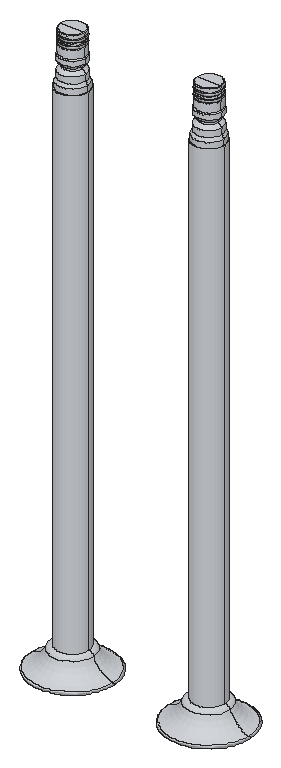
Revit family "Faucet-Raiser_Tube-KOHLER-SYMBOL-K-18492T-1", category Plumbing Fixtures, host Face, Revit 2017
Family settings
  Host = Face
  Round Connector Dimension = Use Diameter
  Part Type = Normal
  OmniClass Number = 23.31.11.00
  Cut with Voids When Loaded = No
  Shared = No
  Room Calculation Point = No
Parameters (values of type "CP- Polished Chrome")
  Width = Faucet Hole Spacing  # 5 29/32"
  WaterSense Certified = 1 = 0  # no
  Waste Water Outlet = "Waste Water Outlet"  # constant formula
  Waste Connection = 1 = 0  # no
  Vent Connection = 1 = 0  # no
  URL = "http://www.kohler.com.cn/"
  Type = 1
  Spout Reach = 0"
  Product Page URL = "https://www.kohler.com.cn/product/K-18492T-CP/K-18492T-CP/"
  Product Name = "SYMBOL"  # constant formula
  Product Documentation Link = "https://files.kohler.com.cn/pdfs/1535707536770_18492T.pdf"
  Pressure = 145.038 psi  # constant formula
  Model = "K-18492T-CP"  # constant formula
  Material = "Premium Metal Construction"  # constant formula
  Master Format 2014 Name = "Residential Faucets, Supplies, and Trim"  # constant formula
  Master Format 2014 = "22 41 39"  # constant formula
  Manufacturer Address = "Kohler Beijing Office (100016) 36-2-03-B, No. 88, Liuxiang Road, Beijing"  # constant formula
  Manufacturer = "KOHLER Co."  # constant formula
  Length = 3 139/256"  # constant formula
  Hot Water Inlet = "Hot Water Inlet"  # constant formula
  Height = 24 59/64"  # constant formula
  Handle Clearance = 0"
  HW Connection = 1 = 1  # yes
  Flow Rate = 0 GPM
  Finish = Kohler-Metal-CP-Polished_Chrome
  Faucet Hole Spacing = 5 29/32"  # constant formula
  Environmental Product Declaration = ""
  Drain Included = 1 = 0  # no
  Description = "65 CM FLOOR STAND"  # constant formula
  Default Elevation = 36"
  Declare Label = ""
  Date Modified = "03/30/2021"  # constant formula
  Date Created = "03/30/2021"  # constant formula
  Copyright = "Copyright KOHLER Co."  # constant formula
  Contact Us = "http://www.kohler.com.cn/contact/contact-us/"
  Cold Water Inlet = "Cold Water Inlet"  # constant formula
  CW Connection = 1 = 1  # yes
  Assembly Code = "D2010"
  ADA Compliant = 1 = 0  # no
Reference planes (in)
  plane 1 "Center (Front/Back)": y = 0
  plane 2: z = 0
  plane 3 "Center (Left/Right)": x = 0
  plane 4: x = -4.72441
  plane 5: x = 4.72441
  plane 6: x = -1.1811
  plane 7: x = 1.1811
  plane 8: x = -2.95276
  plane 9: x = 2.95349
  plane 10: y = 1.77165
  plane 11: y = -1.77132
  plane 12: z = 22.65748
  plane 13: z = 24.92187
Dimensions and locks (in)
  level to plane 12 = 22.65748"
  plane 12 to plane 13 = 2.26439"
  "Height": level to plane 13
  "Faucet Hole Spacing": plane 8 to plane 9
  "Length": plane 10 to plane 11
  plane 4 to plane 5 = 9.44882"
  aligned and locked: plane 2 to host face
  aligned and locked: level to host face
  aligned and locked: plane 3 "Center (Left/Right)" to nested 1
  aligned and locked: plane 1 "Center (Front/Back)" to nested 1
Automatic sketch dimensions
  host sketch curve to host sketch curve = 96"  (x2)
Nested families (in)
  nested 1: "K-18492T" at (0, 0, 0), type "K-18492T"
Connectors (in)
  piping at (-2.95276, 0, 0), diameter 0.5, driven by "Flow Rate", driven by "Pressure", driven by "HW Connection", driven by "Hot Water Inlet"
    settings: on nested 1, index 1, connector inside diameter 24", connector length 0", flow factor 0, pipe flow 0 GPM, pressure drop 145.038 psi, fitting loss kfactor 0, connector angle 0.00°, fixture units 0, engagement length 0", angle of deflection 0.00°, flow configuration 0, flow direction 1, fitting loss method 4, system type 19, joint type 0, gender type 0, connector reference index -1, connector utility 1, adjustable connector no, is connector primary yes, connector description "Hot Water Inlet"
  piping at (2.95276, 0, 0), diameter 0.5, driven by "Flow Rate", driven by "Pressure", driven by "CW Connection", driven by "Cold Water Inlet"
    settings: on nested 1, index 2, connector inside diameter 24", connector length 0", flow factor 0, pipe flow 0 GPM, pressure drop 145.038 psi, fitting loss kfactor 0, connector angle 0.00°, fixture units 0, engagement length 0", angle of deflection 0.00°, flow configuration 0, flow direction 1, fitting loss method 4, system type 20, joint type 0, gender type 0, connector reference index -1, connector utility 1, adjustable connector no, is connector primary no, connector description "Cold Water Inlet"
Definition of nested family "K-18492T"
  Parameters (values of type "K-18492T")
    Material = none
  Reference planes (in)
    plane 1 "Center (Front/Back)": y = 0
    plane 2: z = 0
    plane 3 "Center (Left/Right)": x = 0
    plane 4: x = 2.95276
    plane 5: x = -2.95276
    plane 6: x = -4.72441
    plane 7: x = -1.1811
    plane 8: x = 1.1811
    plane 9: x = 4.72441
    plane 10: z = 22.65748
    plane 11: z = 24.92126
    plane 12: y = 1.77165
    plane 13: y = -1.77165
  Forms (in)
    Revolve 1, solid, material <- "Material", detail levels medium+fine
      sketch origin (0, 0, -0.06411) x (1, 0, 0) y (0, 0, 1)
        loop
          line (-2.95276, 0.06411) -> (-2.95276, 24.98537) -> (-3.45472, 24.98537) -> (-3.47442, 24.95725) -> (-3.47442, 24.81886)
          arc (-3.47442, 24.81886) -> (-3.46836, 24.80424) -> (-3.45375, 24.79819) r 0.02067
          line (-3.45375, 24.79819) -> (-3.40898, 24.79819)
          arc (-3.40898, 24.79819) -> (-3.39116, 24.79611) -> (-3.37417, 24.79037) r 0.08576
          line (-3.37417, 24.79037) -> (-3.43552, 24.79037)
          arc (-3.43552, 24.79037) -> (-3.48583, 24.74006) -> (-3.43552, 24.68976) r 0.0503
          line (-3.43552, 24.68976) -> (-3.37589, 24.68976)
          arc (-3.37589, 24.68976) -> (-3.39501, 24.68269) -> (-3.41525, 24.68028) r 0.08641
          line (-3.41525, 24.68028) -> (-3.45381, 24.68028)
          arc (-3.45381, 24.68028) -> (-3.46845, 24.67422) -> (-3.47452, 24.65957) r 0.02071
          line (-3.47452, 24.65957) -> (-3.47452, 24.56795)
          arc (-3.47452, 24.56795) -> (-3.46878, 24.5541) -> (-3.45493, 24.54836) r 0.01959
          line (-3.45493, 24.54836) -> (-3.42093, 24.54836)
          arc (-3.42093, 24.54836) -> (-3.39867, 24.54598) -> (-3.37819, 24.53693) r 0.07272
          line (-3.37819, 24.53693) -> (-3.43678, 24.53693)
          arc (-3.43678, 24.53693) -> (-3.48531, 24.4884) -> (-3.43678, 24.43987) r 0.04853
          line (-3.43678, 24.43987) -> (-3.37394, 24.43987)
          arc (-3.37394, 24.43987) -> (-3.39425, 24.43199) -> (-3.41587, 24.42931) r 0.08849
          line (-3.41587, 24.42931) -> (-3.45453, 24.42931)
          arc (-3.45453, 24.42931) -> (-3.46858, 24.42349) -> (-3.4744, 24.40943) r 0.01987
          line (-3.4744, 24.40943) -> (-3.4744, 24.05228) -> (-3.51196, 23.98722) -> (-3.51196, 23.77663) -> (-3.35234, 23.617) -> (-3.35234, 23.53071) -> (-3.51183, 23.37121) -> (-3.51183, 23.1178) -> (-3.59055, 22.95781) -> (-3.59055, 22.72159) -> (-3.63976, 22.72159) -> (-3.63976, 1.06102)
          arc (-3.63976, 1.06102) -> (-3.77936, 1.01732) -> (-3.86748, 0.90055) r 0.23941
          arc (-3.86748, 0.90055) -> (-4.18297, 0.42677) -> (-4.68776, 0.16375) r 1.14369
          arc (-4.68776, 0.16375) -> (-4.72646, 0.10882) -> (-4.67631, 0.06411) r 0.05048
          line (-4.67631, 0.06411) -> (-2.95276, 0.06411)
        axis (-2.95276, 0.06411) -> (-2.95276, 24.98537)
      angle from 0 to 360
    Revolve 2, solid, material <- "Material", detail levels medium+fine
      sketch origin (0, 0, -0.06411) x (-1, 0, 0) y (0, 0, 1)
        loop
          line (-2.95276, 0.06411) -> (-2.95276, 24.98537) -> (-3.45472, 24.98537) -> (-3.47442, 24.95725) -> (-3.47442, 24.81886)
          arc (-3.47442, 24.81886) -> (-3.46836, 24.80424) -> (-3.45375, 24.79819) r 0.02067
          line (-3.45375, 24.79819) -> (-3.40898, 24.79819)
          arc (-3.40898, 24.79819) -> (-3.39116, 24.79611) -> (-3.37417, 24.79037) r 0.08576
          line (-3.37417, 24.79037) -> (-3.43552, 24.79037)
          arc (-3.43552, 24.79037) -> (-3.48583, 24.74006) -> (-3.43552, 24.68976) r 0.0503
          line (-3.43552, 24.68976) -> (-3.37589, 24.68976)
          arc (-3.37589, 24.68976) -> (-3.39501, 24.68269) -> (-3.41525, 24.68028) r 0.08641
          line (-3.41525, 24.68028) -> (-3.45381, 24.68028)
          arc (-3.45381, 24.68028) -> (-3.46845, 24.67422) -> (-3.47452, 24.65957) r 0.02071
          line (-3.47452, 24.65957) -> (-3.47452, 24.56795)
          arc (-3.47452, 24.56795) -> (-3.46878, 24.5541) -> (-3.45493, 24.54836) r 0.01959
          line (-3.45493, 24.54836) -> (-3.42093, 24.54836)
          arc (-3.42093, 24.54836) -> (-3.39867, 24.54598) -> (-3.37819, 24.53693) r 0.07272
          line (-3.37819, 24.53693) -> (-3.43678, 24.53693)
          arc (-3.43678, 24.53693) -> (-3.48531, 24.4884) -> (-3.43678, 24.43987) r 0.04853
          line (-3.43678, 24.43987) -> (-3.37394, 24.43987)
          arc (-3.37394, 24.43987) -> (-3.39425, 24.43199) -> (-3.41587, 24.42931) r 0.08849
          line (-3.41587, 24.42931) -> (-3.45453, 24.42931)
          arc (-3.45453, 24.42931) -> (-3.46858, 24.42349) -> (-3.4744, 24.40943) r 0.01987
          line (-3.4744, 24.40943) -> (-3.4744, 24.05228) -> (-3.51196, 23.98722) -> (-3.51196, 23.77663) -> (-3.35234, 23.617) -> (-3.35234, 23.53071) -> (-3.51183, 23.37121) -> (-3.51183, 23.1178) -> (-3.59055, 22.95781) -> (-3.59055, 22.72159) -> (-3.63976, 22.72159) -> (-3.63976, 1.06102)
          arc (-3.63976, 1.06102) -> (-3.77936, 1.01732) -> (-3.86748, 0.90055) r 0.23941
          arc (-3.86748, 0.90055) -> (-4.18297, 0.42677) -> (-4.68776, 0.16375) r 1.14369
          arc (-4.68776, 0.16375) -> (-4.72646, 0.10882) -> (-4.67631, 0.06411) r 0.05048
          line (-4.67631, 0.06411) -> (-2.95276, 0.06411)
        axis (-2.95276, 0.06411) -> (-2.95276, 24.98537)
      angle from 0 to 360
    Revolve 3, solid, material <- "Material", detail levels coarse
      sketch origin (0, 0, 0) x (1, 0, 0) y (0, 0, 1)
        loop
          line (2.95276, 0) -> (4.72441, 0) -> (4.72441, 0.09173)
          arc (4.72441, 0.09173) -> (4.13627, 0.40704) -> (3.82423, 0.99691) r 1.14369
          line (3.82423, 0.99691) -> (3.63976, 0.99691) -> (3.63976, 22.65748) -> (3.59055, 22.65748) -> (3.59055, 24.92126) -> (2.95276, 24.92126) -> (2.95276, 0)
        axis (2.95276, 0) -> (2.95276, 24.92126)
      angle from 0 to 360
    Revolve 4, solid, material <- "Material", detail levels coarse
      sketch origin (0, 0, 0) x (-1, 0, 0) y (0, 0, 1)
        loop
          line (2.95276, 0) -> (4.72441, 0) -> (4.72441, 0.09173)
          arc (4.72441, 0.09173) -> (4.13627, 0.40704) -> (3.82423, 0.99691) r 1.14369
          line (3.82423, 0.99691) -> (3.63976, 0.99691) -> (3.63976, 22.65748) -> (3.59055, 22.65748) -> (3.59055, 24.92126) -> (2.95276, 24.92126) -> (2.95276, 0)
        axis (2.95276, 0) -> (2.95276, 24.92126)
      angle from 0 to 360
  Lines and regions (in)
    Masking region 1
      outline origin (0, 0, 0) x (0, 1, 0) y (0, 0, 1)
        loop
          line (0.50197, 24.92126) -> (-0.50197, 24.92126) -> (-0.52166, 24.89314) -> (-0.52166, 24.75475)
          arc (-0.52166, 24.75475) -> (-0.51561, 24.74013) -> (-0.50099, 24.73408) r 0.02067
          line (-0.50099, 24.73408) -> (-0.45622, 24.73408)
          arc (-0.45622, 24.73408) -> (-0.43841, 24.732) -> (-0.42142, 24.72625) r 0.08576
          line (-0.42142, 24.72625) -> (-0.48277, 24.72625)
          arc (-0.48277, 24.72625) -> (-0.53307, 24.67595) -> (-0.48277, 24.62565) r 0.0503
          line (-0.48277, 24.62565) -> (-0.42314, 24.62565)
          arc (-0.42314, 24.62565) -> (-0.44225, 24.61858) -> (-0.46249, 24.61617) r 0.08641
          line (-0.46249, 24.61617) -> (-0.50105, 24.61617)
          arc (-0.50105, 24.61617) -> (-0.5157, 24.61011) -> (-0.52176, 24.59546) r 0.02071
          line (-0.52176, 24.59546) -> (-0.52176, 24.50384)
          arc (-0.52176, 24.50384) -> (-0.51603, 24.48999) -> (-0.50218, 24.48425) r 0.01959
          line (-0.50218, 24.48425) -> (-0.46817, 24.48425)
          arc (-0.46817, 24.48425) -> (-0.44591, 24.48187) -> (-0.42543, 24.47282) r 0.07272
          line (-0.42543, 24.47282) -> (-0.48403, 24.47282)
          arc (-0.48403, 24.47282) -> (-0.53256, 24.42429) -> (-0.48403, 24.37576) r 0.04853
          line (-0.48403, 24.37576) -> (-0.42118, 24.37576)
          arc (-0.42118, 24.37576) -> (-0.44149, 24.36788) -> (-0.46311, 24.3652) r 0.08849
          line (-0.46311, 24.3652) -> (-0.50177, 24.3652)
          arc (-0.50177, 24.3652) -> (-0.51582, 24.35937) -> (-0.52164, 24.34532) r 0.01987
          line (-0.52164, 24.34532) -> (-0.52164, 23.98817) -> (-0.5592, 23.92311) -> (-0.5592, 23.71252) -> (-0.39958, 23.55289) -> (-0.39958, 23.4666) -> (-0.55908, 23.3071) -> (-0.55908, 23.05369) -> (-0.6378, 22.8937) -> (-0.6378, 22.65748) -> (-0.68701, 22.65748) -> (-0.68701, 0.99691)
          arc (-0.68701, 0.99691) -> (-0.82661, 0.9532) -> (-0.91472, 0.83644) r 0.23941
          arc (-0.91472, 0.83644) -> (-1.22952, 0.36329) -> (-1.73319, 0.10006) r 1.14369
          arc (-1.73319, 0.10006) -> (-1.77197, 0.04487) -> (-1.7216, 0) r 0.0507
          line (-1.7216, 0) -> (1.72114, 0)
          arc (1.72114, 0) -> (1.77156, 0.04491) -> (1.73276, 0.10017) r 0.05076
          arc (1.73276, 0.10017) -> (1.22935, 0.36343) -> (0.91472, 0.83644) r 1.14369
          arc (0.91472, 0.83644) -> (0.82661, 0.9532) -> (0.68701, 0.99691) r 0.23941
          line (0.68701, 0.99691) -> (0.68701, 22.65748) -> (0.6378, 22.65748) -> (0.6378, 22.8937) -> (0.55908, 23.05369) -> (0.55908, 23.3071) -> (0.39958, 23.4666) -> (0.39958, 23.55289) -> (0.5592, 23.71252) -> (0.5592, 23.92311) -> (0.52164, 23.98817) -> (0.52164, 24.34532)
          arc (0.52164, 24.34532) -> (0.51582, 24.35937) -> (0.50177, 24.3652) r 0.01987
          line (0.50177, 24.3652) -> (0.46311, 24.3652)
          arc (0.46311, 24.3652) -> (0.44149, 24.36788) -> (0.42118, 24.37576) r 0.08849
          line (0.42118, 24.37576) -> (0.48403, 24.37576)
          arc (0.48403, 24.37576) -> (0.53256, 24.42429) -> (0.48403, 24.47282) r 0.04853
          line (0.48403, 24.47282) -> (0.42543, 24.47282)
          arc (0.42543, 24.47282) -> (0.44591, 24.48187) -> (0.46817, 24.48425) r 0.07272
          line (0.46817, 24.48425) -> (0.50218, 24.48425)
          arc (0.50218, 24.48425) -> (0.51603, 24.48999) -> (0.52176, 24.50384) r 0.01959
          line (0.52176, 24.50384) -> (0.52176, 24.59546)
          arc (0.52176, 24.59546) -> (0.5157, 24.61011) -> (0.50105, 24.61617) r 0.02071
          line (0.50105, 24.61617) -> (0.46249, 24.61617)
          arc (0.46249, 24.61617) -> (0.44225, 24.61858) -> (0.42314, 24.62565) r 0.08641
          line (0.42314, 24.62565) -> (0.48277, 24.62565)
          arc (0.48277, 24.62565) -> (0.53307, 24.67595) -> (0.48277, 24.72625) r 0.0503
          line (0.48277, 24.72625) -> (0.42142, 24.72625)
          arc (0.42142, 24.72625) -> (0.43841, 24.732) -> (0.45622, 24.73408) r 0.08576
          line (0.45622, 24.73408) -> (0.50099, 24.73408)
          arc (0.50099, 24.73408) -> (0.51561, 24.74013) -> (0.52166, 24.75475) r 0.02067
          line (0.52166, 24.75475) -> (0.52166, 24.89314) -> (0.50197, 24.92126)
    Masking region 2
      outline origin (0, 0, 0) x (1, 0, 0) y (0, 0, 1)
        loop
          line (-3.45472, 24.92126) -> (-3.47442, 24.89314) -> (-3.47442, 24.75475)
          arc (-3.47442, 24.75475) -> (-3.46836, 24.74013) -> (-3.45375, 24.73408) r 0.02067
          line (-3.45375, 24.73408) -> (-3.40898, 24.73408)
          arc (-3.40898, 24.73408) -> (-3.39116, 24.732) -> (-3.37417, 24.72625) r 0.08576
          line (-3.37417, 24.72625) -> (-3.43552, 24.72625)
          arc (-3.43552, 24.72625) -> (-3.48583, 24.67595) -> (-3.43552, 24.62565) r 0.0503
          line (-3.43552, 24.62565) -> (-3.37589, 24.62565)
          arc (-3.37589, 24.62565) -> (-3.39501, 24.61858) -> (-3.41525, 24.61617) r 0.08641
          line (-3.41525, 24.61617) -> (-3.45381, 24.61617)
          arc (-3.45381, 24.61617) -> (-3.46845, 24.61011) -> (-3.47452, 24.59546) r 0.02071
          line (-3.47452, 24.59546) -> (-3.47452, 24.50384)
          arc (-3.47452, 24.50384) -> (-3.46878, 24.48999) -> (-3.45493, 24.48425) r 0.01959
          line (-3.45493, 24.48425) -> (-3.42093, 24.48425)
          arc (-3.42093, 24.48425) -> (-3.39867, 24.48187) -> (-3.37819, 24.47282) r 0.07272
          line (-3.37819, 24.47282) -> (-3.43678, 24.47282)
          arc (-3.43678, 24.47282) -> (-3.48531, 24.42429) -> (-3.43678, 24.37576) r 0.04853
          line (-3.43678, 24.37576) -> (-3.37394, 24.37576)
          arc (-3.37394, 24.37576) -> (-3.39425, 24.36788) -> (-3.41587, 24.3652) r 0.08849
          line (-3.41587, 24.3652) -> (-3.45453, 24.3652)
          arc (-3.45453, 24.3652) -> (-3.46858, 24.35937) -> (-3.4744, 24.34532) r 0.01987
          line (-3.4744, 24.34532) -> (-3.4744, 23.98817) -> (-3.51196, 23.92311) -> (-3.51196, 23.71252) -> (-3.35234, 23.55289) -> (-3.35234, 23.4666) -> (-3.51183, 23.3071) -> (-3.51183, 23.05369) -> (-3.59055, 22.8937) -> (-3.59055, 22.65748) -> (-3.63976, 22.65748) -> (-3.63976, 0.99691)
          arc (-3.63976, 0.99691) -> (-3.77936, 0.9532) -> (-3.86748, 0.83644) r 0.23941
          arc (-3.86748, 0.83644) -> (-4.18209, 0.36345) -> (-4.68547, 0.10018) r 1.14369
          arc (-4.68547, 0.10018) -> (-4.72428, 0.04491) -> (-4.67385, 0) r 0.05076
          line (-4.67385, 0) -> (-1.23166, 0)
          arc (-1.23166, 0) -> (-1.18123, 0.04491) -> (-1.22004, 0.10018) r 0.05076
          arc (-1.22004, 0.10018) -> (-1.72342, 0.36345) -> (-2.03803, 0.83644) r 1.14369
          arc (-2.03803, 0.83644) -> (-2.12615, 0.9532) -> (-2.26575, 0.99691) r 0.23941
          line (-2.26575, 0.99691) -> (-2.26575, 22.65748) -> (-2.31496, 22.65748) -> (-2.31496, 22.8937) -> (-2.39368, 23.05369) -> (-2.39368, 23.3071) -> (-2.55318, 23.4666) -> (-2.55318, 23.55289) -> (-2.39355, 23.71252) -> (-2.39355, 23.92311) -> (-2.43111, 23.98817) -> (-2.43111, 24.34532)
          arc (-2.43111, 24.34532) -> (-2.43693, 24.35937) -> (-2.45099, 24.3652) r 0.01987
          line (-2.45099, 24.3652) -> (-2.48964, 24.3652)
          arc (-2.48964, 24.3652) -> (-2.51126, 24.36788) -> (-2.53157, 24.37576) r 0.08849
          line (-2.53157, 24.37576) -> (-2.46873, 24.37576)
          arc (-2.46873, 24.37576) -> (-2.4202, 24.42429) -> (-2.46873, 24.47282) r 0.04853
          line (-2.46873, 24.47282) -> (-2.52732, 24.47282)
          arc (-2.52732, 24.47282) -> (-2.50684, 24.48187) -> (-2.48458, 24.48425) r 0.07272
          line (-2.48458, 24.48425) -> (-2.45058, 24.48425)
          arc (-2.45058, 24.48425) -> (-2.43673, 24.48999) -> (-2.43099, 24.50384) r 0.01959
          line (-2.43099, 24.50384) -> (-2.43099, 24.59546)
          arc (-2.43099, 24.59546) -> (-2.43706, 24.61011) -> (-2.4517, 24.61617) r 0.02071
          line (-2.4517, 24.61617) -> (-2.49026, 24.61617)
          arc (-2.49026, 24.61617) -> (-2.5105, 24.61858) -> (-2.52962, 24.62565) r 0.08641
          line (-2.52962, 24.62565) -> (-2.46999, 24.62565)
          arc (-2.46999, 24.62565) -> (-2.41969, 24.67595) -> (-2.46999, 24.72625) r 0.0503
          line (-2.46999, 24.72625) -> (-2.53134, 24.72625)
          arc (-2.53134, 24.72625) -> (-2.51435, 24.732) -> (-2.49654, 24.73408) r 0.08576
          line (-2.49654, 24.73408) -> (-2.45176, 24.73408)
          arc (-2.45176, 24.73408) -> (-2.43715, 24.74013) -> (-2.4311, 24.75475) r 0.02067
          line (-2.4311, 24.75475) -> (-2.4311, 24.89314) -> (-2.45079, 24.92126) -> (-3.45472, 24.92126)
        loop
          line (3.45472, 24.92126) -> (2.45079, 24.92126) -> (2.4311, 24.89314) -> (2.4311, 24.75475)
          arc (2.4311, 24.75475) -> (2.43715, 24.74013) -> (2.45176, 24.73408) r 0.02067
          line (2.45176, 24.73408) -> (2.49654, 24.73408)
          arc (2.49654, 24.73408) -> (2.51435, 24.732) -> (2.53134, 24.72625) r 0.08576
          line (2.53134, 24.72625) -> (2.46999, 24.72625)
          arc (2.46999, 24.72625) -> (2.41969, 24.67595) -> (2.46999, 24.62565) r 0.0503
          line (2.46999, 24.62565) -> (2.52962, 24.62565)
          arc (2.52962, 24.62565) -> (2.5105, 24.61858) -> (2.49026, 24.61617) r 0.08641
          line (2.49026, 24.61617) -> (2.4517, 24.61617)
          arc (2.4517, 24.61617) -> (2.43706, 24.61011) -> (2.43099, 24.59546) r 0.02071
          line (2.43099, 24.59546) -> (2.43099, 24.50384)
          arc (2.43099, 24.50384) -> (2.43673, 24.48999) -> (2.45058, 24.48425) r 0.01959
          line (2.45058, 24.48425) -> (2.48458, 24.48425)
          arc (2.48458, 24.48425) -> (2.50684, 24.48187) -> (2.52732, 24.47282) r 0.07272
          line (2.52732, 24.47282) -> (2.46873, 24.47282)
          arc (2.46873, 24.47282) -> (2.4202, 24.42429) -> (2.46873, 24.37576) r 0.04853
          line (2.46873, 24.37576) -> (2.53157, 24.37576)
          arc (2.53157, 24.37576) -> (2.51126, 24.36788) -> (2.48964, 24.3652) r 0.08849
          line (2.48964, 24.3652) -> (2.45099, 24.3652)
          arc (2.45099, 24.3652) -> (2.43693, 24.35937) -> (2.43111, 24.34532) r 0.01987
          line (2.43111, 24.34532) -> (2.43111, 23.98817) -> (2.39355, 23.92311) -> (2.39355, 23.71252) -> (2.55318, 23.55289) -> (2.55318, 23.4666) -> (2.39368, 23.3071) -> (2.39368, 23.05369) -> (2.31496, 22.8937) -> (2.31496, 22.65748) -> (2.26575, 22.65748) -> (2.26575, 0.99691)
          arc (2.26575, 0.99691) -> (2.12615, 0.9532) -> (2.03803, 0.83644) r 0.23941
          arc (2.03803, 0.83644) -> (1.72342, 0.36345) -> (1.22004, 0.10018) r 1.14369
          arc (1.22004, 0.10018) -> (1.18123, 0.04491) -> (1.23166, 0) r 0.05076
          line (1.23166, 0) -> (4.67385, 0)
          arc (4.67385, 0) -> (4.72428, 0.04491) -> (4.68547, 0.10018) r 0.05076
          arc (4.68547, 0.10018) -> (4.18209, 0.36345) -> (3.86748, 0.83644) r 1.14369
          arc (3.86748, 0.83644) -> (3.77936, 0.9532) -> (3.63976, 0.99691) r 0.23941
          line (3.63976, 0.99691) -> (3.63976, 22.65748) -> (3.59055, 22.65748) -> (3.59055, 22.8937) -> (3.51183, 23.05369) -> (3.51183, 23.3071) -> (3.35234, 23.4666) -> (3.35234, 23.55289) -> (3.51196, 23.71252) -> (3.51196, 23.92311) -> (3.4744, 23.98817) -> (3.4744, 24.34532)
          arc (3.4744, 24.34532) -> (3.46858, 24.35937) -> (3.45453, 24.3652) r 0.01987
          line (3.45453, 24.3652) -> (3.41587, 24.3652)
          arc (3.41587, 24.3652) -> (3.39425, 24.36788) -> (3.37394, 24.37576) r 0.08849
          line (3.37394, 24.37576) -> (3.43678, 24.37576)
          arc (3.43678, 24.37576) -> (3.48531, 24.42429) -> (3.43678, 24.47282) r 0.04853
          line (3.43678, 24.47282) -> (3.37819, 24.47282)
          arc (3.37819, 24.47282) -> (3.39867, 24.48187) -> (3.42093, 24.48425) r 0.07272
          line (3.42093, 24.48425) -> (3.45493, 24.48425)
          arc (3.45493, 24.48425) -> (3.46878, 24.48999) -> (3.47452, 24.50384) r 0.01959
          line (3.47452, 24.50384) -> (3.47452, 24.59546)
          arc (3.47452, 24.59546) -> (3.46845, 24.61011) -> (3.45381, 24.61617) r 0.02071
          line (3.45381, 24.61617) -> (3.41525, 24.61617)
          arc (3.41525, 24.61617) -> (3.39501, 24.61858) -> (3.37589, 24.62565) r 0.08641
          line (3.37589, 24.62565) -> (3.43552, 24.62565)
          arc (3.43552, 24.62565) -> (3.48583, 24.67595) -> (3.43552, 24.72625) r 0.0503
          line (3.43552, 24.72625) -> (3.37417, 24.72625)
          arc (3.37417, 24.72625) -> (3.39116, 24.732) -> (3.40898, 24.73408) r 0.08576
          line (3.40898, 24.73408) -> (3.45375, 24.73408)
          arc (3.45375, 24.73408) -> (3.46836, 24.74013) -> (3.47442, 24.75475) r 0.02067
          line (3.47442, 24.75475) -> (3.47442, 24.89314) -> (3.45472, 24.92126)
    Masking region 3
      outline origin (0, 0, 0) x (1, 0, 0) y (0, 1, 0)
        loop
          circle (-2.95276, 0) r 1.77165
        loop
          circle (2.95276, 0) r 1.77165
    symbolic lines, detail levels medium+fine
      curve 1: line (0, 0.68701, 0.99691) -> (0, -0.68701, 0.99691)
      curve 2: line (0, 0.6378, 22.65748) -> (0, -0.6378, 22.65748)
      curve 3: line (0, 0.6378, 22.8937) -> (0, -0.6378, 22.8937)
      curve 4: line (0, 0.55908, 23.05369) -> (0, -0.55908, 23.05369)
      curve 5: line (0, 0.55908, 23.3071) -> (0, -0.55908, 23.3071)
      curve 6: line (0, 0.39958, 23.4666) -> (0, -0.39958, 23.4666)
      curve 7: line (0, 0.39958, 23.55289) -> (0, -0.39958, 23.55289)
      curve 8: line (0, 0.5592, 23.71252) -> (0, -0.5592, 23.71252)
      curve 9: line (0, 0.5592, 23.92311) -> (0, -0.5592, 23.92311)
      curve 10: line (0, 0.52164, 23.98817) -> (0, -0.52164, 23.98817)
      curve 11: line (0, 0.42118, 24.37576) -> (0, -0.42118, 24.37576)
      curve 12: line (0, 0.46311, 24.3652) -> (0, -0.46311, 24.3652)
      curve 13: line (0, 0.42543, 24.47282) -> (0, -0.42543, 24.47282)
      curve 14: line (0, 0.46817, 24.48425) -> (0, -0.46817, 24.48425)
      curve 15: line (0, 0.42314, 24.62565) -> (0, -0.42314, 24.62565)
      curve 16: line (0, 0.46249, 24.61617) -> (0, -0.46249, 24.61617)
      curve 17: line (0, 0.42142, 24.72625) -> (0, -0.42142, 24.72625)
      curve 18: line (0, 0.45622, 24.73408) -> (0, -0.45622, 24.73408)
      curve 19: line (0, 0.52166, 24.89314) -> (0, -0.52166, 24.89314)
      curve 20: line (0, 1.73276, 0.10017) -> (0, -1.73276, 0.10017)
      curve 21: line (0, 0.91472, 0.83644) -> (0, -0.91472, 0.83644)
      curve 22: line (4.68547, 0, 0.10018) -> (1.22004, 0, 0.10018)
      curve 23: line (3.86748, 0, 0.83644) -> (2.03803, 0, 0.83644)
      curve 24: line (3.63976, 0, 0.99691) -> (2.26575, 0, 0.99691)
      curve 25: line (3.59055, 0, 22.65748) -> (2.31496, 0, 22.65748)
      curve 26: line (3.59055, 0, 22.8937) -> (2.31496, 0, 22.8937)
      curve 27: line (3.51183, 0, 23.05369) -> (2.39368, 0, 23.05369)
      curve 28: line (3.51183, 0, 23.3071) -> (2.39368, 0, 23.3071)
      curve 29: line (3.35234, 0, 23.4666) -> (2.55318, 0, 23.4666)
      curve 30: line (3.35234, 0, 23.55289) -> (2.55318, 0, 23.55289)
      curve 31: line (3.51196, 0, 23.71252) -> (2.39355, 0, 23.71252)
      curve 32: line (3.51196, 0, 23.92311) -> (2.39355, 0, 23.92311)
      curve 33: line (3.4744, 0, 23.98817) -> (2.43111, 0, 23.98817)
      curve 34: line (3.41587, 0, 24.3652) -> (2.48964, 0, 24.3652)
      curve 35: line (3.37394, 0, 24.37576) -> (2.53157, 0, 24.37576)
      curve 36: line (3.37819, 0, 24.47282) -> (2.52732, 0, 24.47282)
      curve 37: line (3.42093, 0, 24.48425) -> (2.48458, 0, 24.48425)
      curve 38: line (3.41525, 0, 24.61617) -> (2.49026, 0, 24.61617)
      curve 39: line (3.37589, 0, 24.62565) -> (2.52962, 0, 24.62565)
      curve 40: line (3.37417, 0, 24.72625) -> (2.53134, 0, 24.72625)
      curve 41: line (3.40898, 0, 24.73408) -> (2.49654, 0, 24.73408)
      curve 42: line (3.47442, 0, 24.89314) -> (2.4311, 0, 24.89314)
      curve 43: line (-4.68547, 0, 0.10018) -> (-1.22004, 0, 0.10018)
      curve 44: line (-3.86748, 0, 0.83644) -> (-2.03803, 0, 0.83644)
      curve 45: line (-3.63976, 0, 0.99691) -> (-2.26575, 0, 0.99691)
      curve 46: line (-3.59055, 0, 22.65748) -> (-2.31496, 0, 22.65748)
      curve 47: line (-3.59055, 0, 22.8937) -> (-2.31496, 0, 22.8937)
      curve 48: line (-3.51183, 0, 23.05369) -> (-2.39368, 0, 23.05369)
      curve 49: line (-3.51183, 0, 23.3071) -> (-2.39368, 0, 23.3071)
      curve 50: line (-3.35234, 0, 23.4666) -> (-2.55318, 0, 23.4666)
      curve 51: line (-3.35234, 0, 23.55289) -> (-2.55318, 0, 23.55289)
      curve 52: line (-3.51196, 0, 23.71252) -> (-2.39355, 0, 23.71252)
      curve 53: line (-3.51196, 0, 23.92311) -> (-2.39355, 0, 23.92311)
      curve 54: line (-3.4744, 0, 23.98817) -> (-2.43111, 0, 23.98817)
      curve 55: line (-3.41587, 0, 24.3652) -> (-2.48964, 0, 24.3652)
      curve 56: line (-3.37394, 0, 24.37576) -> (-2.53157, 0, 24.37576)
      curve 57: line (-3.37819, 0, 24.47282) -> (-2.52732, 0, 24.47282)
      curve 58: line (-3.42093, 0, 24.48425) -> (-2.48458, 0, 24.48425)
      curve 59: line (-3.41525, 0, 24.61617) -> (-2.49026, 0, 24.61617)
      curve 60: line (-3.37589, 0, 24.62565) -> (-2.52962, 0, 24.62565)
      curve 61: line (-3.37417, 0, 24.72625) -> (-2.53134, 0, 24.72625)
      curve 62: line (-3.40898, 0, 24.73408) -> (-2.49654, 0, 24.73408)
      curve 63: line (-3.47442, 0, 24.89314) -> (-2.4311, 0, 24.89314)
      curve 64: arc (-3.63976, 0, 0) -> (-2.95276, 0.68701, 0) -> (-2.26575, 0, 0) r 0.68701
      curve 65: arc (-2.26575, 0, 0) -> (-2.95276, -0.68701, 0) -> (-3.63976, 0, 0) r 0.68701
      curve 66: arc (-3.59055, 0, 0) -> (-2.95276, 0.6378, 0) -> (-2.31496, 0, 0) r 0.6378
      curve 67: arc (-2.31496, 0, 0) -> (-2.95276, -0.6378, 0) -> (-3.59055, 0, 0) r 0.6378
      curve 68: arc (-2.39355, 0, 0) -> (-2.95276, -0.5592, 0) -> (-3.51196, 0, 0) r 0.5592
      curve 69: arc (-3.51196, 0, 0) -> (-2.95276, 0.5592, 0) -> (-2.39355, 0, 0) r 0.5592
      curve 70: arc (-3.47442, 0, 0) -> (-2.95276, 0.52166, 0) -> (-2.4311, 0, 0) r 0.52166
      curve 71: arc (-2.4311, 0, 0) -> (-2.95276, -0.52166, 0) -> (-3.47442, 0, 0) r 0.52166
      curve 72: arc (-3.45472, 0, 0) -> (-2.95276, -0.50197, 0) -> (-2.45079, 0, 0) r 0.50197
      curve 73: arc (-2.45079, 0, 0) -> (-2.95276, 0.50197, 0) -> (-3.45472, 0, 0) r 0.50197
      curve 74: circle (-2.95276, 0, 0) r 0.53343 normal (0, 0, 1)
      curve 75: arc (3.63976, 0, 0) -> (2.95276, 0.68701, 0) -> (2.26575, 0, 0) r 0.68701
      curve 76: arc (2.26575, 0, 0) -> (2.95276, -0.68701, 0) -> (3.63976, 0, 0) r 0.68701
      curve 77: arc (3.59055, 0, 0) -> (2.95276, 0.6378, 0) -> (2.31496, 0, 0) r 0.6378
      curve 78: arc (2.31496, 0, 0) -> (2.95276, -0.6378, 0) -> (3.59055, 0, 0) r 0.6378
      curve 79: arc (2.39355, 0, 0) -> (2.95276, -0.5592, 0) -> (3.51196, 0, 0) r 0.5592
      curve 80: arc (3.51196, 0, 0) -> (2.95276, 0.5592, 0) -> (2.39355, 0, 0) r 0.5592
      curve 81: arc (3.47442, 0, 0) -> (2.95276, 0.52166, 0) -> (2.4311, 0, 0) r 0.52166
      curve 82: arc (2.4311, 0, 0) -> (2.95276, -0.52166, 0) -> (3.47442, 0, 0) r 0.52166
      curve 83: arc (3.45472, 0, 0) -> (2.95276, -0.50197, 0) -> (2.45079, 0, 0) r 0.50197
      curve 84: arc (2.45079, 0, 0) -> (2.95276, 0.50197, 0) -> (3.45472, 0, 0) r 0.50197
      curve 85: circle (2.95276, 0, 0) r 0.53343 normal (0, 0, -1)
  Dimensions and locks (in)
    aligned and locked: plane 2 to level
